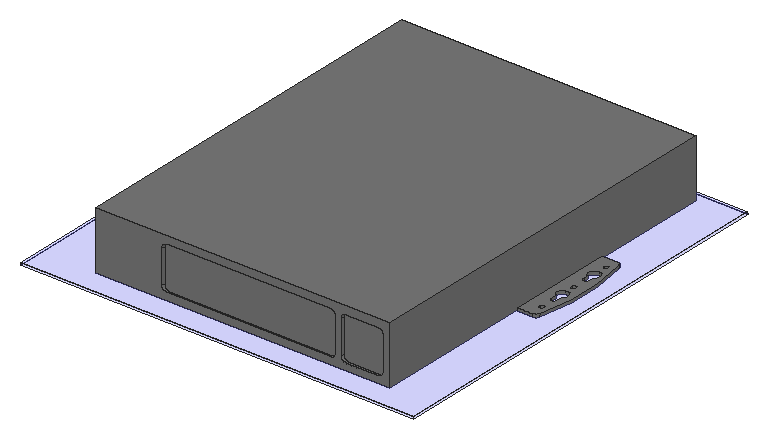
Revit family "QSC Q-SYS NV-32-H_Surface Mount", category Generic Models, host Face, Revit 2017
Family settings
  Host = Face
  Can host rebar = No
  Round Connector Dimension = Use Diameter
  Part Type = Normal
  Cut with Voids When Loaded = No
  Shared = No
  Room Calculation Point = No
Parameters (values of type "NV-32-H")
  Width = 8.660"  # constant formula
  Weight Product (lb) = 4  # constant formula
  Weight Product (kg) = 1.81  # constant formula
  Voltage DC = "48"
  URL = ""
  Show Surface Mount [instance] = yes
  Regulatory Compliance = "CE, FCC Part 15 Class B, RoHS"  # constant formula
  Product Page URL = "https://www.qsc.com/systems/products/q-sys-platform/products-peripherals-accessories/nv-series-nv-32-h/"
  Product Documentation Link = "https://www.qsc.com/resource-files/productresources/dn/nv-32-h_series/q_qsys_nv32h_specs.pdf"
  Operating Temperature Min = "0C"
  Operating Temperature Max = "50C"
  Model = "Q-SYS NV-32-H"
  Manufacturer URL = "http://www.qsc.com"
  Manufacturer = "QSC"  # constant formula
  Height = 1.720"  # constant formula
  Face Depth = 0.0788"
  Description = "Network Video Endpoint for the Q-SYS Ecosystem"
  Depth = 11.280"  # constant formula
  Default Elevation = 0.000"
  Enclosure Material [instance] = Dark Gray Finish
Reference planes (in)
  plane 1 "Center (Front/Back)": y = 0
  plane 2: z = 0
  plane 3 "Center (Left/Right)": x = 0
  plane 4 "Left": x = -4.33
  plane 5 "Right": x = 4.33
  plane 6 "Top": y = 5.64
  plane 7 "Bottom": y = -5.64
  plane 8 "New Top": z = 1.72
  plane 9 "Face Plance": y = -5.561
Forms (in)
  Extrusion 1, solid, material "Glass"
    sketch origin (0, 0, 0) x (1, 0, 0) y (0, 1, 0)
      loop
        line (-6, 6) -> (-6, -6.33038) -> (5.58047, -6.33038) -> (5.58047, 6) -> (-6, 6)
    from 0 to -0.079
  Extrusion 2, solid, material "Dark Gray Finish" <- "Enclosure Material", visible <- "Show Surface Mount"
    sketch origin (0, 0, 0) x (1, 0, 0) y (0, 1, 0)
      loop
        arc (-4.80811, 2.14181) -> (-4.88785, 2.11447) -> (-4.93402, 2.04394) r 0.12992
        arc (-4.93402, 2.04394) -> (-5.11556, 0.59457) -> (-4.93402, -0.8548) r 5.8765
        arc (-4.93402, -0.8548) -> (-4.88785, -0.92533) -> (-4.80811, -0.95267) r 0.12992
        line (-4.80811, -0.95267) -> (-3.88346, -0.95267)
        arc (-3.88346, -0.95267) -> (-3.80372, -0.92532) -> (-3.75755, -0.85479) r 0.12992
        arc (-3.75755, -0.85479) -> (-3.57606, 0.59457) -> (-3.75755, 2.04393) r 5.87795
        arc (-3.75755, 2.04393) -> (-3.80372, 2.11446) -> (-3.88346, 2.14181) r 0.12992
        line (-3.88346, 2.14181) -> (-4.80811, 2.14181)
      loop
        arc (-4.68437, 1.20811) -> (-4.76902, 1.51977) -> (-4.85366, 1.20811) r 0.16732
        line (-4.85366, 1.20811) -> (-4.85366, 1.04733)
        arc (-4.85366, 1.04733) -> (-4.76902, 0.96268) -> (-4.68437, 1.04733) r 0.08465
        line (-4.68437, 1.04733) -> (-4.68437, 1.20811)
      loop
        arc (-3.83791, 1.20811) -> (-3.92256, 1.51977) -> (-4.0072, 1.20811) r 0.16732
        line (-4.0072, 1.20811) -> (-4.0072, 1.04733)
        arc (-4.0072, 1.04733) -> (-3.92256, 0.96268) -> (-3.83791, 1.04733) r 0.08465
        line (-3.83791, 1.04733) -> (-3.83791, 1.20811)
      loop
        arc (-3.83398, 0.03333) -> (-3.92256, 0.3426) -> (-4.01114, 0.03333) r 0.16732
        line (-4.01114, 0.03333) -> (-4.01114, -0.12984)
        arc (-4.01114, -0.12984) -> (-3.92256, -0.21842) -> (-3.83398, -0.12984) r 0.08858
        line (-3.83398, -0.12984) -> (-3.83398, 0.03333)
      loop
        arc (-4.68043, 0.03333) -> (-4.76902, 0.3426) -> (-4.8576, 0.03333) r 0.16732
        line (-4.8576, 0.03333) -> (-4.8576, -0.12984)
        arc (-4.8576, -0.12984) -> (-4.76902, -0.21842) -> (-4.68043, -0.12984) r 0.08858
        line (-4.68043, -0.12984) -> (-4.68043, 0.03333)
      loop
        circle (-4.77295, 0.59457) r 0.06496
      loop
        circle (-4.77295, -0.58653) r 0.06496
      loop
        circle (-4.77295, 1.77567) r 0.06496
      loop
        circle (-3.91862, 1.77567) r 0.06496
      loop
        circle (-3.91862, 0.59457) r 0.06496
      loop
        circle (-3.91862, -0.58653) r 0.06496
      loop
        line (4.80811, 2.14181) -> (3.88346, 2.14181)
        arc (3.88346, 2.14181) -> (3.80372, 2.11446) -> (3.75755, 2.04393) r 0.12992
        arc (3.75755, 2.04393) -> (3.57606, 0.59457) -> (3.75755, -0.85479) r 5.87795
        arc (3.75755, -0.85479) -> (3.80372, -0.92532) -> (3.88346, -0.95267) r 0.12992
        line (3.88346, -0.95267) -> (4.80811, -0.95267)
        arc (4.80811, -0.95267) -> (4.88785, -0.92533) -> (4.93402, -0.8548) r 0.12992
        arc (4.93402, -0.8548) -> (5.11556, 0.59457) -> (4.93402, 2.04394) r 5.8765
        arc (4.93402, 2.04394) -> (4.88785, 2.11447) -> (4.80811, 2.14181) r 0.12992
      loop
        line (4.68437, 1.20811) -> (4.68437, 1.04733)
        arc (4.68437, 1.04733) -> (4.76902, 0.96268) -> (4.85366, 1.04733) r 0.08465
        line (4.85366, 1.04733) -> (4.85366, 1.20811)
        arc (4.85366, 1.20811) -> (4.76902, 1.51977) -> (4.68437, 1.20811) r 0.16732
      loop
        line (3.83791, 1.20811) -> (3.83791, 1.04733)
        arc (3.83791, 1.04733) -> (3.92256, 0.96268) -> (4.0072, 1.04733) r 0.08465
        line (4.0072, 1.04733) -> (4.0072, 1.20811)
        arc (4.0072, 1.20811) -> (3.92256, 1.51977) -> (3.83791, 1.20811) r 0.16732
      loop
        line (3.83398, 0.03333) -> (3.83398, -0.12984)
        arc (3.83398, -0.12984) -> (3.92256, -0.21842) -> (4.01114, -0.12984) r 0.08858
        line (4.01114, -0.12984) -> (4.01114, 0.03333)
        arc (4.01114, 0.03333) -> (3.92256, 0.3426) -> (3.83398, 0.03333) r 0.16732
      loop
        line (4.68043, 0.03333) -> (4.68043, -0.12984)
        arc (4.68043, -0.12984) -> (4.76902, -0.21842) -> (4.8576, -0.12984) r 0.08858
        line (4.8576, -0.12984) -> (4.8576, 0.03333)
        arc (4.8576, 0.03333) -> (4.76902, 0.3426) -> (4.68043, 0.03333) r 0.16732
      loop
        circle (4.77295, 0.59457) r 0.06496
      loop
        circle (4.77295, -0.58653) r 0.06496
      loop
        circle (4.77295, 1.77567) r 0.06496
      loop
        circle (3.91862, 1.77567) r 0.06496
      loop
        circle (3.91862, 0.59457) r 0.06496
      loop
        circle (3.91862, -0.58653) r 0.06496
    from 0 to 0.079
Dimensions and locks (in)
  equal spacing: plane 6 "Top", plane 1 "Center (Front/Back)", plane 7 "Bottom"
  "Depth": plane 6 "Top" to plane 7 "Bottom"
  equal spacing: plane 4 "Left", plane 3 "Center (Left/Right)", plane 5 "Right"
  "Width": plane 4 "Left" to plane 5 "Right"
  plane 4 "Left" to plane 5 "Right" = 8.660"
  "Height": plane 8 "New Top" to plane 2
  plane 9 "Face Plance" to plane 7 "Bottom" = 0.079"
  aligned and locked: plane 2 to Extrusion 1
  aligned and locked: level to Extrusion 1
Automatic sketch dimensions
  Extrusion 1 sketch curve to Extrusion 1 sketch curve = 11.58047"
  Extrusion 1 sketch curve to Extrusion 1 sketch curve = 12.33038"
  Extrusion 2 sketch curve to plane 1 "Center (Front/Back)" = 0.59457"  (x4)
  Extrusion 2 sketch curve to plane 4 "Left" = 5.12402"
  Extrusion 2 sketch curve to plane 1 "Center (Front/Back)" = 0.03333"  (x4)
  Extrusion 2 sketch curve to plane 4 "Left" = 0.5276"
  Extrusion 2 sketch curve to plane 4 "Left" = 0.52366"
  Extrusion 2 sketch curve to plane 4 "Left" = 0.47811"  (x2)
  Extrusion 2 sketch curve to Extrusion 2 sketch curve = 0.03516"  (x8)
  Extrusion 2 sketch curve to plane 4 "Left" = 0.44295"
  Extrusion 2 sketch curve to Extrusion 2 sketch curve = 0.08858"  (x8)
  Extrusion 2 sketch curve to Extrusion 2 sketch curve = 0.08465"  (x8)
  plane 1 "Center (Front/Back)" to Extrusion 2 sketch curve = 0.12984"  (x4)
  plane 4 "Left" to Extrusion 2 sketch curve = 0.31886"
  plane 4 "Left" to Extrusion 2 sketch curve = 0.3228"
  plane 4 "Left" to Extrusion 2 sketch curve = 0.41138"  (x3)
  Extrusion 2 sketch curve to plane 3 "Center (Left/Right)" = 0.76094"
  plane 3 "Center (Left/Right)" to Extrusion 2 sketch curve = 0.76094"
  Extrusion 2 sketch curve to plane 5 "Right" = 0.49602"
  Extrusion 2 sketch curve to plane 5 "Right" = 0.49209"
  Extrusion 2 sketch curve to plane 5 "Right" = 0.44654"  (x2)
  Extrusion 2 sketch curve to plane 5 "Right" = 0.41138"
  plane 5 "Right" to Extrusion 2 sketch curve = 0.35043"
  plane 5 "Right" to Extrusion 2 sketch curve = 0.35437"
  plane 5 "Right" to Extrusion 2 sketch curve = 0.44295"
  Extrusion 2 sketch curve to Extrusion 2 sketch curve = 0.00394"  (x2)
  Extrusion 2 sketch curve to Extrusion 2 sketch curve = 4.60035"
  plane 1 "Center (Front/Back)" to Extrusion 2 sketch curve = 0.58653"
  Extrusion 2 sketch curve to Extrusion 2 sketch curve = 0.45669"  (x3)
  Extrusion 2 sketch curve to Extrusion 2 sketch curve = 0.23622"  (x8)
  Extrusion 2 sketch curve to Extrusion 2 sketch curve = 0.12992"  (x4)
  Extrusion 2 sketch curve to Extrusion 2 sketch curve = 0.14195"  (x4)
  Extrusion 2 sketch curve to Extrusion 2 sketch curve = 0.41929"  (x4)
  Extrusion 2 sketch curve to Extrusion 2 sketch curve = 0.45276"  (x4)
  Extrusion 2 sketch curve to Extrusion 2 sketch curve = 0.16079"  (x4)
  Extrusion 2 sketch curve to Extrusion 2 sketch curve = 0.14433"  (x4)
  Extrusion 2 sketch curve to Extrusion 2 sketch curve = 0.42323"  (x4)
  Extrusion 2 sketch curve to Extrusion 2 sketch curve = 0.000"  (x4)
  radius of Extrusion 2 sketch curve = 0.06496"  (x12)
Nested families (in)
  nested 1: "QSC Q-SYS NV-32-H_ Front Facing Rackmount" at (0, -5.561, 0.865) x (1, 0, 0) z (0, -1, 0), Enclosure Material <- "Enclosure Material", type "NV-32-H"
    with Show Right Ear Short no, Show Right Ear Long no, Show Left Ear Short no, Show Left Ear Long no, Enclosure Material Dark Gray Finish
Connectors (in)
  electrical at (3.82441, 5.44335, 0.45908)
    settings: on nested 1, index 1, voltage 0 V, apparent load 0 VA, apparent load phase1 0 VA, apparent load phase2 0 VA, apparent load phase3 0 VA, power factor 1, load classification "Other", number of poles 1, system type 14, power factor state 1, is connector primary yes, connector utility no, sub classification motor no, connector description "Power In - 48VDC 1.5A"
  electrical at (3.01855, 5.44335, 1.24033)
    settings: on nested 1, index 2, voltage 0 V, apparent load 0 VA, apparent load phase1 0 VA, apparent load phase2 0 VA, apparent load phase3 0 VA, power factor 1, load classification "Other", number of poles 1, system type 14, power factor state 1, is connector primary no, connector utility no, sub classification motor no, connector description "LAN A / PWR"
  electrical at (3.01855, 5.44335, 0.61592)
    settings: on nested 1, index 3, voltage 0 V, apparent load 0 VA, apparent load phase1 0 VA, apparent load phase2 0 VA, apparent load phase3 0 VA, power factor 1, load classification "Other", number of poles 1, system type 14, power factor state 1, is connector primary no, connector utility no, sub classification motor no, connector description "USB Type A"
  electrical at (3.01855, 5.44335, 0.30283)
    settings: on nested 1, index 4, voltage 0 V, apparent load 0 VA, apparent load phase1 0 VA, apparent load phase2 0 VA, apparent load phase3 0 VA, power factor 1, load classification "Other", number of poles 1, system type 14, power factor state 1, is connector primary no, connector utility no, sub classification motor no, connector description "USB Type A"
  electrical at (2.16507, 5.44335, 0.30283)
    settings: on nested 1, index 5, voltage 0 V, apparent load 0 VA, apparent load phase1 0 VA, apparent load phase2 0 VA, apparent load phase3 0 VA, power factor 1, load classification "Other", number of poles 1, system type 14, power factor state 1, is connector primary no, connector utility no, sub classification motor no, connector description "USB Type A"
  electrical at (2.16507, 5.44335, 0.61592)
    settings: on nested 1, index 6, voltage 0 V, apparent load 0 VA, apparent load phase1 0 VA, apparent load phase2 0 VA, apparent load phase3 0 VA, power factor 1, load classification "Other", number of poles 1, system type 14, power factor state 1, is connector primary no, connector utility no, sub classification motor no, connector description "USB Type A"
  electrical at (2.16507, 5.44335, 1.24033)
    settings: on nested 1, index 7, voltage 0 V, apparent load 0 VA, apparent load phase1 0 VA, apparent load phase2 0 VA, apparent load phase3 0 VA, power factor 1, load classification "Other", number of poles 1, system type 14, power factor state 1, is connector primary no, connector utility no, sub classification motor no, connector description "LAN B"
  electrical at (1.29746, 5.44335, 1.22156)
    settings: on nested 1, index 8, voltage 0 V, apparent load 0 VA, apparent load phase1 0 VA, apparent load phase2 0 VA, apparent load phase3 0 VA, power factor 1, load classification "Other", number of poles 1, system type 14, power factor state 1, is connector primary no, connector utility no, sub classification motor no, connector description "GPIO Out 1,2,3"
  electrical at (1.54116, 5.44335, 0.34725)
    settings: on nested 1, index 9, voltage 0 V, apparent load 0 VA, apparent load phase1 0 VA, apparent load phase2 0 VA, apparent load phase3 0 VA, power factor 1, load classification "Other", number of poles 1, system type 14, power factor state 1, is connector primary no, connector utility no, sub classification motor no, connector description "GPIO In 1&2"
  electrical at (1.14746, 5.44335, 0.34725)
    settings: on nested 1, index 10, voltage 0 V, apparent load 0 VA, apparent load phase1 0 VA, apparent load phase2 0 VA, apparent load phase3 0 VA, power factor 1, load classification "Other", number of poles 1, system type 14, power factor state 1, is connector primary no, connector utility no, sub classification motor no, connector description "RS232"
  electrical at (0.59244, 5.44335, 0.52954)
    settings: on nested 1, index 11, voltage 0 V, apparent load 0 VA, apparent load phase1 0 VA, apparent load phase2 0 VA, apparent load phase3 0 VA, power factor 1, load classification "Other", number of poles 1, system type 14, power factor state 1, is connector primary no, connector utility no, sub classification motor no, connector description "Audio In 3.5mm"
  electrical at (0.59244, 5.44335, 1.14742)
    settings: on nested 1, index 12, voltage 0 V, apparent load 0 VA, apparent load phase1 0 VA, apparent load phase2 0 VA, apparent load phase3 0 VA, power factor 1, load classification "Other", number of poles 1, system type 14, power factor state 1, is connector primary no, connector utility no, sub classification motor no, connector description "Audio Out 3.5mm"
  electrical at (-0.07543, 5.44335, 0.72609)
    settings: on nested 1, index 13, voltage 0 V, apparent load 0 VA, apparent load phase1 0 VA, apparent load phase2 0 VA, apparent load phase3 0 VA, power factor 1, load classification "Other", number of poles 1, system type 14, power factor state 1, is connector primary no, connector utility no, sub classification motor no, connector description "USB Type B"
  electrical at (-0.78909, 5.44335, 0.89041)
    settings: on nested 1, index 14, voltage 0 V, apparent load 0 VA, apparent load phase1 0 VA, apparent load phase2 0 VA, apparent load phase3 0 VA, power factor 1, load classification "Other", number of poles 1, system type 14, power factor state 1, is connector primary no, connector utility no, sub classification motor no, connector description "HDMI In 3"
  electrical at (-1.53909, 5.44335, 0.89041)
    settings: on nested 1, index 15, voltage 0 V, apparent load 0 VA, apparent load phase1 0 VA, apparent load phase2 0 VA, apparent load phase3 0 VA, power factor 1, load classification "Other", number of poles 1, system type 14, power factor state 1, is connector primary no, connector utility no, sub classification motor no, connector description "HDMI In 2"
  electrical at (-2.28909, 5.44335, 0.89041)
    settings: on nested 1, index 16, voltage 0 V, apparent load 0 VA, apparent load phase1 0 VA, apparent load phase2 0 VA, apparent load phase3 0 VA, power factor 1, load classification "Other", number of poles 1, system type 14, power factor state 1, is connector primary no, connector utility no, sub classification motor no, connector description "HDMI In 1"
  electrical at (-3.03909, 5.44335, 0.89041)
    settings: on nested 1, index 17, voltage 0 V, apparent load 0 VA, apparent load phase1 0 VA, apparent load phase2 0 VA, apparent load phase3 0 VA, power factor 1, load classification "Other", number of poles 1, system type 14, power factor state 1, is connector primary no, connector utility no, sub classification motor no, connector description "HDMI Out 2"
  electrical at (-3.78909, 5.44335, 0.89041)
    settings: on nested 1, index 18, voltage 0 V, apparent load 0 VA, apparent load phase1 0 VA, apparent load phase2 0 VA, apparent load phase3 0 VA, power factor 1, load classification "Other", number of poles 1, system type 14, power factor state 1, is connector primary no, connector utility no, sub classification motor no, connector description "HDMI Out 1"
Definition of nested family "QSC Q-SYS NV-32-H_ Front Facing Rackmount"
  Parameters (values of type "NV-32-H")
    Width = 8.660"  # constant formula
    Weight Product (lb) = 4  # constant formula
    Weight Product (kg) = 1.81  # constant formula
    Voltage DC = "48"
    URL = ""
    Operating Temperature Max = "50C"
    Show Right Ear Short [instance] = no
    Show Right Ear Long [instance] = yes
    Show Left Ear Short [instance] = yes
    Show Left Ear Long [instance] = no
    Regulatory Compliance = "CE, FCC Part 15 Class B, RoHS"  # constant formula
    Product Page URL = "https://www.qsc.com/systems/products/q-sys-platform/products-peripherals-accessories/nv-series-nv-32-h/"
    Product Documentation Link = "https://www.qsc.com/resource-files/productresources/dn/nv-32-h_series/q_qsys_nv32h_specs.pdf"
    Operating Temperature Min = "0C"
    Model = "Q-SYS NV-32-H"  # constant formula
    Manufacturer URL = "http://www.qsc.com"
    Manufacturer = "QSC"  # constant formula
    Height = 1.720"  # constant formula
    Face Depth = 0.0788"
    Description = "Network Video Endpoint for the Q-SYS Ecosystem"  # constant formula
    Depth = 11.280"  # constant formula
    Default Elevation = 0.000"
    Enclosure Material [instance] = none
  Reference planes (in)
    plane 1 "Center (Front/Back)": y = 0
    plane 2: z = 0
    plane 3 "Center (Left/Right)": x = 0
    plane 4 "Left": x = -4.33
    plane 5 "Right": x = 4.33
    plane 6 "Top": y = 0.86
    plane 7 "Bottom": y = -0.86
    plane 8 "Back": z = -11.2012
    plane 9 "Right Extend Ear": x = 13.812
    plane 10 "Left Extend Ear": x = -13.812
    plane 11 "Left Short Ear": x = -5.1514
    plane 12 "Right Short Ear": x = 5.1514
    plane 13 "Front": z = 0.0788
  Forms (in)
    Extrusion 1, solid
      sketch origin (0, 0, 0) x (1, 0, 0) y (0, 1, 0)
        loop
          line (-14.5, 1.9685) -> (-14.5, -1.88975) -> (14.73031, -1.88975) -> (14.73031, 1.9685) -> (-14.5, 1.9685)
      from 0 to -0.079
    Extrusion 2, solid, material <- "Enclosure Material"
      sketch origin (0, -0.86, 0) x (-1, 0, 0) y (0, 0, 1)
        loop
          line (4.33, 0.0788) -> (-4.33, 0.0788) -> (-4.33, -11.2012) -> (4.33, -11.2012) -> (4.33, 0.0788)
      from 0 to 1.72 <- "Height"
    Extrusion 3, void
      sketch origin (0, 0, -11.2012) x (-1, 0, 0) y (0, -1, 0)
        loop
          line (-4.12953, 0.14) -> (-3.51929, 0.14) -> (-3.51929, 0.67183) -> (-4.12953, 0.67183) -> (-4.12953, 0.14)
        loop
          line (-1.67147, 0.63492) -> (-1.67147, 0.40058) -> (-1.41084, 0.40058) -> (-1.41084, 0.63492) -> (-1.67147, 0.63492)
        loop
          line (-0.92344, 0.40058) -> (-0.92344, 0.63492) -> (-1.37147, 0.63492) -> (-1.37147, 0.40058) -> (-0.92344, 0.40058)
        loop
          line (-1.67147, -0.23939) -> (-1.67147, -0.47373) -> (-0.92344, -0.47373) -> (-0.92344, -0.23939) -> (-1.67147, -0.23939)
        loop
          line (-3.32367, -0.64125) -> (-2.71343, -0.64125) -> (-2.71343, -0.10942) -> (-3.32367, -0.10942) -> (-3.32367, -0.64125)
        loop
          line (-2.47019, -0.64125) -> (-1.85995, -0.64125) -> (-1.85995, -0.10942) -> (-2.47019, -0.10942) -> (-2.47019, -0.64125)
        loop
          line (-3.32367, 0.13942) -> (-2.71343, 0.13942) -> (-2.71343, 0.35875) -> (-3.32367, 0.35875) -> (-3.32367, 0.13942)
        loop
          line (-3.32367, 0.4525) -> (-2.71343, 0.4525) -> (-2.71343, 0.67183) -> (-3.32367, 0.67183) -> (-3.32367, 0.4525)
        loop
          line (-2.47019, 0.13942) -> (-1.85995, 0.13942) -> (-1.85995, 0.35875) -> (-2.47019, 0.35875) -> (-2.47019, 0.13942)
        loop
          line (-2.47019, 0.4525) -> (-1.85995, 0.4525) -> (-1.85995, 0.67183) -> (-2.47019, 0.67183) -> (-2.47019, 0.4525)
        loop
          circle (-0.59244, -0.28242) r 0.125
        loop
          circle (-0.59244, 0.33546) r 0.125
        loop
          line (-0.15156, 0.35875) -> (-0.15156, 0.07692) -> (-0.07457, -0.01894) -> (0.22543, -0.01894) -> (0.30242, 0.07692) -> (0.30242, 0.35875) -> (-0.15156, 0.35875)
        loop
          line (0.90476, 0.3344) -> (0.77918, 0.3344) -> (0.68332, 0.25741) -> (0.68332, -0.30822) -> (0.77918, -0.38521) -> (0.90476, -0.38521) -> (0.90476, 0.3344)
        loop
          line (1.65476, 0.3344) -> (1.52918, 0.3344) -> (1.43332, 0.25741) -> (1.43332, -0.30822) -> (1.52918, -0.38521) -> (1.65476, -0.38521) -> (1.65476, 0.3344)
        loop
          line (2.40476, 0.3344) -> (2.27918, 0.3344) -> (2.18332, 0.25741) -> (2.18332, -0.30822) -> (2.27918, -0.38521) -> (2.40476, -0.38521) -> (2.40476, 0.3344)
        loop
          line (3.15476, 0.3344) -> (3.02918, 0.3344) -> (2.93332, 0.25741) -> (2.93332, -0.30822) -> (3.02918, -0.38521) -> (3.15476, -0.38521) -> (3.15476, 0.3344)
        loop
          line (3.90476, 0.3344) -> (3.77918, 0.3344) -> (3.68332, 0.25741) -> (3.68332, -0.30822) -> (3.77918, -0.38521) -> (3.90476, -0.38521) -> (3.90476, 0.3344)
      from 0 to 0.19685
    Extrusion 4, void
      sketch origin (-16.742, -179.90625, 0.0788) x (0, -1, 0) y (-1, 0, 0)
        loop
          line (-180.54692, -14.52475) -> (-180.54692, -19.33043)
          arc (-180.54692, -19.33043) -> (-180.50115, -19.44092) -> (-180.39067, -19.48668) r 0.15625
          line (-180.39067, -19.48668) -> (-179.40912, -19.48668)
          arc (-179.40912, -19.48668) -> (-179.29864, -19.44092) -> (-179.25287, -19.33043) r 0.15625
          line (-179.25287, -19.33043) -> (-179.25287, -14.52475)
          arc (-179.25287, -14.52475) -> (-179.29864, -14.41427) -> (-179.40912, -14.3685) r 0.15625
          line (-179.40912, -14.3685) -> (-180.39067, -14.3685)
          arc (-180.39067, -14.3685) -> (-180.50115, -14.41427) -> (-180.54692, -14.52475) r 0.15625
      from 0 to 0.079
    Extrusion 5, solid, material <- "Enclosure Material", visible <- "Show Left Ear Short"
      sketch origin (0, 0, 0) x (1, 0, 0) y (0, 1, 0)
        loop
          arc (-5.02634, 0.86) -> (-5.11473, 0.82339) -> (-5.1514, 0.735) r 0.125
          line (-5.1514, 0.735) -> (-5.15134, -0.735)
          arc (-5.15134, -0.735) -> (-5.11473, -0.82339) -> (-5.02634, -0.86) r 0.125
          line (-5.02634, -0.86) -> (-4.33, -0.86) -> (-4.33, 0.86) -> (-5.02634, 0.86)
        loop
          line (-4.7537, 0.76059) -> (-4.8915, 0.76059)
          arc (-4.8915, 0.76059) -> (-5.0251, 0.63502) -> (-4.90803, 0.4939) r 0.13386
          arc (-4.90803, 0.4939) -> (-4.8226, 0.40843) -> (-4.73717, 0.4939) r 0.08543
          arc (-4.73717, 0.4939) -> (-4.6201, 0.63502) -> (-4.7537, 0.76059) r 0.13386
        loop
          arc (-4.7537, -0.74713) -> (-4.6201, -0.62155) -> (-4.73717, -0.48043) r 0.13386
          arc (-4.73717, -0.48043) -> (-4.8226, -0.39496) -> (-4.90803, -0.48043) r 0.08543
          arc (-4.90803, -0.48043) -> (-5.0251, -0.62155) -> (-4.8915, -0.74713) r 0.13386
          line (-4.8915, -0.74713) -> (-4.7537, -0.74713)
      from 0 to 0.0788 <- "Face Depth"
    Extrusion 6, solid, material <- "Enclosure Material", visible <- "Show Right Ear Short"
      sketch origin (0, 0, 0) x (-1, 0, 0) y (0, -1, 0)
        loop
          line (-5.02634, -0.86) -> (-4.33, -0.86) -> (-4.33, 0.86) -> (-5.02634, 0.86)
          arc (-5.02634, 0.86) -> (-5.11473, 0.82339) -> (-5.15134, 0.735) r 0.125
          line (-5.15134, 0.735) -> (-5.1514, -0.735)
          arc (-5.1514, -0.735) -> (-5.11473, -0.82339) -> (-5.02634, -0.86) r 0.125
        loop
          arc (-4.7537, -0.76059) -> (-4.6201, -0.63502) -> (-4.73717, -0.4939) r 0.13386
          arc (-4.73717, -0.4939) -> (-4.8226, -0.40843) -> (-4.90803, -0.4939) r 0.08543
          arc (-4.90803, -0.4939) -> (-5.0251, -0.63502) -> (-4.8915, -0.76059) r 0.13386
          line (-4.8915, -0.76059) -> (-4.7537, -0.76059)
        loop
          line (-4.7537, 0.74713) -> (-4.8915, 0.74713)
          arc (-4.8915, 0.74713) -> (-5.0251, 0.62155) -> (-4.90803, 0.48043) r 0.13386
          arc (-4.90803, 0.48043) -> (-4.8226, 0.39496) -> (-4.73717, 0.48043) r 0.08543
          arc (-4.73717, 0.48043) -> (-4.6201, 0.62155) -> (-4.7537, 0.74713) r 0.13386
      from 0 to 0.0788 <- "Face Depth"
    Extrusion 7, solid, material <- "Enclosure Material", visible <- "Show Right Ear Long"
      sketch origin (0, 0, 0) x (-1, 0, 0) y (0, -1, 0)
        loop
          arc (-13.55432, -0.49287) -> (-13.68818, -0.62673) -> (-13.55432, -0.76059) r 0.13386
          line (-13.55432, -0.76059) -> (-13.41653, -0.76059)
          arc (-13.41653, -0.76059) -> (-13.28267, -0.62673) -> (-13.41653, -0.49287) r 0.13386
          line (-13.41653, -0.49287) -> (-13.55432, -0.49287)
        loop
          arc (-13.55432, 0.74713) -> (-13.68818, 0.61327) -> (-13.55432, 0.47941) r 0.13386
          line (-13.55432, 0.47941) -> (-13.41653, 0.47941)
          arc (-13.41653, 0.47941) -> (-13.28267, 0.61327) -> (-13.41653, 0.74713) r 0.13386
          line (-13.41653, 0.74713) -> (-13.55432, 0.74713)
        loop
          line (-13.812, 0.735) -> (-13.812, -0.735)
          arc (-13.812, -0.735) -> (-13.77539, -0.82339) -> (-13.687, -0.86) r 0.125
          line (-13.687, -0.86) -> (-4.33, -0.86) -> (-4.33, 0.86) -> (-13.687, 0.86)
          arc (-13.687, 0.86) -> (-13.77539, 0.82339) -> (-13.812, 0.735) r 0.125
      from 0 to 0.0788 <- "Face Depth"
    Extrusion 8, solid, material <- "Enclosure Material", visible <- "Show Left Ear Long"
      sketch origin (0, 0, 0) x (1, 0, 0) y (0, 1, 0)
        loop
          line (-13.55432, 0.49287) -> (-13.41653, 0.49287)
          arc (-13.41653, 0.49287) -> (-13.28267, 0.62673) -> (-13.41653, 0.76059) r 0.13386
          line (-13.41653, 0.76059) -> (-13.55432, 0.76059)
          arc (-13.55432, 0.76059) -> (-13.68818, 0.62673) -> (-13.55432, 0.49287) r 0.13386
        loop
          line (-13.55432, -0.74713) -> (-13.41653, -0.74713)
          arc (-13.41653, -0.74713) -> (-13.28267, -0.61327) -> (-13.41653, -0.47941) r 0.13386
          line (-13.41653, -0.47941) -> (-13.55432, -0.47941)
          arc (-13.55432, -0.47941) -> (-13.68818, -0.61327) -> (-13.55432, -0.74713) r 0.13386
        loop
          arc (-13.812, -0.735) -> (-13.77539, -0.82339) -> (-13.687, -0.86) r 0.125
          line (-13.687, -0.86) -> (-4.33, -0.86) -> (-4.33, 0.86) -> (-13.687, 0.86)
          arc (-13.687, 0.86) -> (-13.77539, 0.82339) -> (-13.812, 0.735) r 0.125
          line (-13.812, 0.735) -> (-13.812, -0.735)
      from 0 to 0.0788 <- "Face Depth"
    Extrusion 9, void
      sketch origin (-11.46075, -179.90625, 0.0788) x (0, -1, 0) y (-1, 0, 0)
        loop
          line (-180.54692, -14.52175) -> (-180.54692, -15.45349)
          arc (-180.54692, -15.45349) -> (-180.50115, -15.56398) -> (-180.39067, -15.60974) r 0.15625
          line (-180.39067, -15.60974) -> (-179.40912, -15.60974)
          arc (-179.40912, -15.60974) -> (-179.29864, -15.56398) -> (-179.25287, -15.45349) r 0.15625
          line (-179.25287, -15.45349) -> (-179.25287, -14.52175)
          arc (-179.25287, -14.52175) -> (-179.29864, -14.41127) -> (-179.40912, -14.3655) r 0.15625
          line (-179.40912, -14.3655) -> (-180.39067, -14.3655)
          arc (-180.39067, -14.3655) -> (-180.50115, -14.41127) -> (-180.54692, -14.52175) r 0.15625
      from 0 to 0.079
  Cuts and joins
    Extrusion 3, Extrusion 4, Extrusion 9 cuts Extrusion 2
  Lines and regions (in)
    model lines, detail levels fine
      curve 1: line (-3.29089, 0.35869, 0.0788) -> (-3.38738, 0.48582, 0.0788)
      curve 2: line (-3.38738, 0.48582, 0.0788) -> (-3.29089, 0.35869, 0.0788)
      curve 3: line (-3.7372, 0.37457, 0.0788) -> (-3.70075, 0.5057, 0.0788)
      curve 4: line (-3.70075, 0.5057, 0.0788) -> (-3.7372, 0.37457, 0.0788)
      curve 5: line (-3.67631, 0.28774, 0.0788) -> (-3.70352, 0.53041, 0.0788)
      curve 6: line (-3.70352, 0.53041, 0.0788) -> (-3.67631, 0.28774, 0.0788)
      curve 7: line (-3.16169, 0.45752, 0.0788) -> (-3.07565, 0.39431, 0.0788)
      curve 8: line (-3.07565, 0.39431, 0.0788) -> (-3.16169, 0.45752, 0.0788)
    model lines, not visible, detail levels fine
      curve 9: line (-3.35339, 0.42119, 0.0788) -> (-3.44988, 0.54832, 0.0788)
      curve 10: line (-3.44988, 0.54832, 0.0788) -> (-3.35339, 0.42119, 0.0788)
      curve 11: line (-3.7997, 0.43707, 0.0788) -> (-3.76325, 0.5682, 0.0788)
      curve 12: line (-3.76325, 0.5682, 0.0788) -> (-3.7997, 0.43707, 0.0788)
      curve 13: line (-3.73881, 0.35024, 0.0788) -> (-3.76602, 0.59291, 0.0788)
      curve 14: line (-3.76602, 0.59291, 0.0788) -> (-3.73881, 0.35024, 0.0788)
      curve 15: line (-3.22419, 0.52002, 0.0788) -> (-3.13815, 0.45681, 0.0788)
      curve 16: line (-3.13815, 0.45681, 0.0788) -> (-3.22419, 0.52002, 0.0788)
  Dimensions and locks (in)
    equal spacing: plane 6 "Top", plane 1 "Center (Front/Back)", plane 7 "Bottom"
    "Height": plane 6 "Top" to plane 7 "Bottom"
    equal spacing: plane 4 "Left", plane 3 "Center (Left/Right)", plane 5 "Right"
    "Width": plane 4 "Left" to plane 5 "Right"
    plane 4 "Left" to plane 5 "Right" = 8.660"
    plane 5 "Right" to plane 9 "Right Extend Ear" = 9.482"
    plane 10 "Left Extend Ear" to plane 4 "Left" = 9.482"
    plane 11 "Left Short Ear" to plane 4 "Left" = 0.8214"
    plane 5 "Right" to plane 12 "Right Short Ear" = 0.8214"
    "Face Depth": plane 13 "Front" to plane 2
    "Depth": plane 13 "Front" to plane 8 "Back"
    aligned and locked: plane 2 to Extrusion 1
    aligned and locked: level to Extrusion 1
    aligned and locked: plane 4 "Left" to Extrusion 2 sketch curve
    aligned and locked: plane 8 "Back" to Extrusion 2 sketch curve
    aligned and locked: Extrusion 2 sketch curve to plane 5 "Right"
    aligned and locked: Extrusion 2 sketch curve to plane 13 "Front"
    aligned and locked: Extrusion 5 sketch curve to plane 6 "Top"
    aligned and locked: plane 11 "Left Short Ear" to Extrusion 5 sketch curve
    aligned and locked: cut or joined group of Extrusion 2, Extrusion 3, Extrusion 4, Extrusion 9 to Extrusion 5 sketch curve
    aligned and locked: Extrusion 5 sketch curve to cut or joined group of Extrusion 2, Extrusion 3, Extrusion 4, Extrusion 9
    aligned and locked: cut or joined group of Extrusion 2, Extrusion 3, Extrusion 4, Extrusion 9 to Extrusion 7 sketch curve
    aligned and locked: plane 9 "Right Extend Ear" to Extrusion 7 sketch curve
    aligned and locked: Extrusion 7 sketch curve to plane 7 "Bottom"
    aligned and locked: Extrusion 7 sketch curve to plane 6 "Top"
  Automatic sketch dimensions
    curve 7 to curve 8 = 0.000"  (x4)
    curve 8 to curve 7 = 0.10677"
    curve 2 to curve 7 = 0.16267"
    curve 1 to curve 2 = 0.000"  (x5)
    curve 1 to curve 2 = 0.15959"
    curve 2 to curve 1 = 0.000"  (x3)
    curve 5 to curve 1 = 0.35031"
    curve 6 to curve 5 = 0.000"  (x4)
    curve 4 to curve 5 = 0.21933"
    curve 3 to curve 4 = 0.000"  (x4)
    curve 6 to curve 3 = 0.02487"
    curve 5 to curve 6 = 0.000"  (x4)
    curve 3 to curve 5 = 0.10605"
    curve 4 to curve 3 = 0.000"  (x2)
    curve 6 to curve 2 = 0.3919"
    curve 5 to curve 4 = 0.10605"
    curve 1 to curve 7 = 0.21817"
    curve 8 to curve 7 = 0.000"  (x4)
    curve 7 to curve 8 = 0.10677"
    curve 2 to curve 1 = 0.15959"
    curve 4 to curve 4 = 0.13611"
    curve 7 to curve 7 = 0.08604"
    curve 7 to curve 2 = 0.1292"
    curve 1 to curve 1 = 0.09649"
    curve 1 to curve 6 = 0.28894"
    curve 5 to curve 4 = 0.02444"
    curve 3 to curve 5 = 0.00277"
    curve 5 to curve 4 = 0.06089"
    curve 5 to curve 4 = 0.02471"
    curve 3 to curve 2 = 0.01989"
    curve 1 to curve 7 = 0.02829"
    curve 8 to curve 7 = 0.06321"
    curve 1 to curve 2 = 0.12712"
    curve 3 to curve 5 = 0.08683"
    curve 15 to curve 16 = 0.000"
    curve 15 to curve 15 = 0.08604"
    curve 16 to curve 15 = 0.000"  (x3)
    curve 15 to curve 10 = 0.1292"
    curve 9 to curve 10 = 0.000"  (x3)
    curve 9 to curve 9 = 0.09649"
    curve 10 to curve 9 = 0.000"
    curve 9 to curve 14 = 0.28894"
    curve 13 to curve 14 = 0.000"  (x2)
    curve 13 to curve 12 = 0.02444"
    curve 11 to curve 12 = 0.000"  (x2)
    curve 11 to curve 13 = 0.00277"
    curve 14 to curve 13 = 0.000"  (x2)
    curve 13 to curve 12 = 0.06089"
    curve 13 to curve 12 = 0.02471"
    curve 11 to curve 10 = 0.01989"
    curve 9 to curve 15 = 0.02829"
    curve 16 to curve 15 = 0.06321"
    curve 12 to curve 11 = 0.000"
    curve 9 to curve 10 = 0.12712"
    curve 11 to curve 13 = 0.08683"
    Extrusion 1 sketch curve to Extrusion 1 sketch curve = 29.23031"
    Extrusion 1 sketch curve to Extrusion 1 sketch curve = 3.85825"
    Extrusion 4 sketch curve to plane 6 "Top" = 0.21933"
    Extrusion 4 sketch curve to Extrusion 4 sketch curve = 0.15625"  (x3)
    plane 7 "Bottom" to Extrusion 4 sketch curve = 0.36287"  (x2)
    plane 4 "Left" to Extrusion 4 sketch curve = 1.9565"
    Extrusion 4 sketch curve to plane 5 "Right" = 1.74157"
    plane 11 "Left Short Ear" to Extrusion 5 sketch curve = 0.12506"  (x2)
    Extrusion 5 sketch curve to Extrusion 5 sketch curve = 0.13484"  (x2)
    Extrusion 5 sketch curve to Extrusion 5 sketch curve = 0.0689"  (x2)
    Extrusion 5 sketch curve to Extrusion 5 sketch curve = 0.1378"  (x2)
    plane 7 "Bottom" to Extrusion 5 sketch curve = 0.11287"
    plane 7 "Bottom" to Extrusion 5 sketch curve = 0.125"
    Extrusion 5 sketch curve to Extrusion 5 sketch curve = 0.13386"  (x2)
    Extrusion 5 sketch curve to Extrusion 5 sketch curve = 0.13287"  (x2)
    Extrusion 5 sketch curve to plane 6 "Top" = 0.36614"
    Extrusion 5 sketch curve to Extrusion 5 sketch curve = 0.000"  (x3)
    Extrusion 5 sketch curve to Extrusion 5 sketch curve = 0.125"
    Extrusion 5 sketch curve to plane 6 "Top" = 0.09941"
    Extrusion 5 sketch curve to Extrusion 5 sketch curve = 0.08543"  (x2)
    Extrusion 6 sketch curve to plane 12 "Right Short Ear" = 0.000"
    Extrusion 6 sketch curve to plane 7 "Bottom" = 0.000"
    Extrusion 6 sketch curve to plane 6 "Top" = 0.000"
    Extrusion 6 sketch curve to plane 5 "Right" = 0.000"
    plane 12 "Right Short Ear" to Extrusion 6 sketch curve = 0.12506"  (x2)
    Extrusion 6 sketch curve to Extrusion 6 sketch curve = 0.13484"  (x2)
    Extrusion 6 sketch curve to Extrusion 6 sketch curve = 0.0689"  (x2)
    Extrusion 6 sketch curve to Extrusion 6 sketch curve = 0.1378"  (x2)
    Extrusion 6 sketch curve to plane 7 "Bottom" = 0.11287"
    Extrusion 6 sketch curve to Extrusion 6 sketch curve = 0.125"
    Extrusion 6 sketch curve to Extrusion 6 sketch curve = 0.13386"  (x2)
    Extrusion 6 sketch curve to Extrusion 6 sketch curve = 0.13287"  (x2)
    plane 6 "Top" to Extrusion 6 sketch curve = 0.36614"
    Extrusion 6 sketch curve to Extrusion 6 sketch curve = 0.000"  (x3)
    plane 6 "Top" to Extrusion 6 sketch curve = 0.125"
    plane 6 "Top" to Extrusion 6 sketch curve = 0.09941"
    Extrusion 6 sketch curve to Extrusion 6 sketch curve = 0.08543"  (x2)
    plane 9 "Right Extend Ear" to Extrusion 7 sketch curve = 0.125"
    Extrusion 7 sketch curve to Extrusion 7 sketch curve = 0.125"
    Extrusion 7 sketch curve to Extrusion 7 sketch curve = 0.13268"  (x2)
    Extrusion 7 sketch curve to Extrusion 7 sketch curve = 0.1378"  (x2)
    Extrusion 7 sketch curve to plane 7 "Bottom" = 0.11287"
    Extrusion 7 sketch curve to Extrusion 7 sketch curve = 0.13386"  (x2)
    Extrusion 7 sketch curve to Extrusion 7 sketch curve = 0.24213"
    Extrusion 8 sketch curve to plane 10 "Left Extend Ear" = 0.000"
    Extrusion 8 sketch curve to plane 6 "Top" = 0.000"
    Extrusion 8 sketch curve to plane 7 "Bottom" = 0.000"
    Extrusion 8 sketch curve to plane 4 "Left" = 0.000"
    plane 10 "Left Extend Ear" to Extrusion 8 sketch curve = 0.125"
    Extrusion 8 sketch curve to Extrusion 8 sketch curve = 0.125"
    Extrusion 8 sketch curve to Extrusion 8 sketch curve = 0.13268"  (x2)
    Extrusion 8 sketch curve to Extrusion 8 sketch curve = 0.1378"  (x2)
    plane 7 "Bottom" to Extrusion 8 sketch curve = 0.11287"
    Extrusion 8 sketch curve to Extrusion 8 sketch curve = 0.13386"  (x2)
    Extrusion 8 sketch curve to Extrusion 8 sketch curve = 0.24213"
    Extrusion 9 sketch curve to plane 6 "Top" = 0.21933"
    Extrusion 9 sketch curve to Extrusion 9 sketch curve = 0.15625"  (x3)
    plane 7 "Bottom" to Extrusion 9 sketch curve = 0.36287"  (x2)
    Extrusion 9 sketch curve to plane 5 "Right" = 1.42525"
    Extrusion 9 sketch curve to plane 12 "Right Short Ear" = 1.15866"
    Extrusion 3 sketch curve to plane 5 "Right" = 0.20047"
    plane 7 "Bottom" to Extrusion 3 sketch curve = 0.18817"  (x3)
    Extrusion 3 sketch curve to Extrusion 3 sketch curve = 0.61024"  (x3)
    Extrusion 3 sketch curve to plane 6 "Top" = 0.21875"  (x2)
    Extrusion 3 sketch curve to Extrusion 3 sketch curve = 0.19562"  (x3)
    Extrusion 3 sketch curve to plane 1 "Center (Front/Back)" = 0.10942"  (x2)
    Extrusion 3 sketch curve to Extrusion 3 sketch curve = 0.000"  (x6)
    Extrusion 3 sketch curve to Extrusion 3 sketch curve = 0.24325"  (x2)
    Extrusion 3 sketch curve to Extrusion 3 sketch curve = 0.18848"  (x2)
    Extrusion 3 sketch curve to Extrusion 3 sketch curve = 0.26063"
    Extrusion 3 sketch curve to Extrusion 3 sketch curve = 0.03937"
    plane 3 "Center (Left/Right)" to Extrusion 3 sketch curve = 0.92344"
    Extrusion 3 sketch curve to Extrusion 3 sketch curve = 0.44803"
    plane 3 "Center (Left/Right)" to Extrusion 3 sketch curve = 0.59244"  (x2)
    plane 3 "Center (Left/Right)" to Extrusion 3 sketch curve = 0.15156"
    Extrusion 3 sketch curve to plane 1 "Center (Front/Back)" = 0.01894"
    Extrusion 3 sketch curve to Extrusion 3 sketch curve = 0.07699"  (x12)
    Extrusion 3 sketch curve to Extrusion 3 sketch curve = 0.300"
    plane 1 "Center (Front/Back)" to Extrusion 3 sketch curve = 0.07692"  (x2)
    plane 1 "Center (Front/Back)" to Extrusion 3 sketch curve = 0.25741"  (x5)
    Extrusion 3 sketch curve to Extrusion 3 sketch curve = 0.3809"
    Extrusion 3 sketch curve to plane 1 "Center (Front/Back)" = 0.38521"  (x5)
    Extrusion 3 sketch curve to Extrusion 3 sketch curve = 0.09586"  (x8)
    Extrusion 3 sketch curve to Extrusion 3 sketch curve = 0.12558"  (x5)
    Extrusion 3 sketch curve to Extrusion 3 sketch curve = 0.52856"  (x3)
    plane 4 "Left" to Extrusion 3 sketch curve = 0.64668"
    plane 4 "Left" to Extrusion 3 sketch curve = 0.55082"  (x2)
    Extrusion 3 sketch curve to plane 6 "Top" = 0.38627"
    Extrusion 3 sketch curve to plane 1 "Center (Front/Back)" = 0.28242"
    Extrusion 3 sketch curve to Extrusion 3 sketch curve = 0.23434"
    plane 1 "Center (Front/Back)" to Extrusion 3 sketch curve = 0.13942"  (x2)
    plane 1 "Center (Front/Back)" to Extrusion 3 sketch curve = 0.140"
    plane 1 "Center (Front/Back)" to Extrusion 3 sketch curve = 0.33546"
    Extrusion 3 sketch curve to Extrusion 3 sketch curve = 0.28183"
    Extrusion 3 sketch curve to Extrusion 3 sketch curve = 0.21933"  (x2)
    plane 1 "Center (Front/Back)" to Extrusion 3 sketch curve = 0.40058"
    Extrusion 3 sketch curve to Extrusion 3 sketch curve = 0.09375"  (x2)
    plane 7 "Bottom" to Extrusion 3 sketch curve = 0.22508"  (x2)
    radius of Extrusion 3 sketch curve = 0.125"  (x2)
  Connectors (in)
    electrical at (3.82441, -0.40592, -11.00435)
      settings: on cut or joined group of Extrusion 2, Extrusion 3, Extrusion 4, Extrusion 9, index 1, voltage 0 V, apparent load 0 VA, apparent load phase1 0 VA, apparent load phase2 0 VA, apparent load phase3 0 VA, power factor 1, load classification none, number of poles 1, system type 14, power factor state 1, is connector primary yes, connector utility no, sub classification motor no, connector description "Power In - 48VDC 1.5A"
    electrical at (3.01855, -0.56217, -11.00435)
      settings: on cut or joined group of Extrusion 2, Extrusion 3, Extrusion 4, Extrusion 9, index 2, voltage 0 V, apparent load 0 VA, apparent load phase1 0 VA, apparent load phase2 0 VA, apparent load phase3 0 VA, power factor 1, load classification none, number of poles 1, system type 14, power factor state 1, is connector primary no, connector utility no, sub classification motor no, connector description "USB Type A"
    electrical at (3.01855, -0.24908, -11.00435)
      settings: on cut or joined group of Extrusion 2, Extrusion 3, Extrusion 4, Extrusion 9, index 3, voltage 0 V, apparent load 0 VA, apparent load phase1 0 VA, apparent load phase2 0 VA, apparent load phase3 0 VA, power factor 1, load classification none, number of poles 1, system type 14, power factor state 1, is connector primary no, connector utility no, sub classification motor no, connector description "USB Type A"
    electrical at (2.16507, -0.24908, -11.00435)
      settings: on cut or joined group of Extrusion 2, Extrusion 3, Extrusion 4, Extrusion 9, index 4, voltage 0 V, apparent load 0 VA, apparent load phase1 0 VA, apparent load phase2 0 VA, apparent load phase3 0 VA, power factor 1, load classification none, number of poles 1, system type 14, power factor state 1, is connector primary no, connector utility no, sub classification motor no, connector description "USB Type A"
    electrical at (2.16507, -0.56217, -11.00435)
      settings: on cut or joined group of Extrusion 2, Extrusion 3, Extrusion 4, Extrusion 9, index 5, voltage 0 V, apparent load 0 VA, apparent load phase1 0 VA, apparent load phase2 0 VA, apparent load phase3 0 VA, power factor 1, load classification none, number of poles 1, system type 14, power factor state 1, is connector primary no, connector utility no, sub classification motor no, connector description "USB Type A"
    electrical at (3.01855, 0.37533, -11.00435)
      settings: on cut or joined group of Extrusion 2, Extrusion 3, Extrusion 4, Extrusion 9, index 6, voltage 0 V, apparent load 0 VA, apparent load phase1 0 VA, apparent load phase2 0 VA, apparent load phase3 0 VA, power factor 1, load classification none, number of poles 1, system type 14, power factor state 1, is connector primary no, connector utility no, sub classification motor no, connector description "LAN A / PWR"
    electrical at (2.16507, 0.37533, -11.00435)
      settings: on cut or joined group of Extrusion 2, Extrusion 3, Extrusion 4, Extrusion 9, index 7, voltage 0 V, apparent load 0 VA, apparent load phase1 0 VA, apparent load phase2 0 VA, apparent load phase3 0 VA, power factor 1, load classification none, number of poles 1, system type 14, power factor state 1, is connector primary no, connector utility no, sub classification motor no, connector description "LAN B"
    electrical at (1.29746, 0.35656, -11.00435)
      settings: on cut or joined group of Extrusion 2, Extrusion 3, Extrusion 4, Extrusion 9, index 8, voltage 0 V, apparent load 0 VA, apparent load phase1 0 VA, apparent load phase2 0 VA, apparent load phase3 0 VA, power factor 1, load classification none, number of poles 1, system type 14, power factor state 1, is connector primary no, connector utility no, sub classification motor no, connector description "GPIO Out 1,2,3"
    electrical at (1.54116, -0.51775, -11.00435)
      settings: on cut or joined group of Extrusion 2, Extrusion 3, Extrusion 4, Extrusion 9, index 9, voltage 0 V, apparent load 0 VA, apparent load phase1 0 VA, apparent load phase2 0 VA, apparent load phase3 0 VA, power factor 1, load classification none, number of poles 1, system type 14, power factor state 1, is connector primary no, connector utility no, sub classification motor no, connector description "GPIO In 1&2"
    electrical at (1.14746, -0.51775, -11.00435)
      settings: on cut or joined group of Extrusion 2, Extrusion 3, Extrusion 4, Extrusion 9, index 10, voltage 0 V, apparent load 0 VA, apparent load phase1 0 VA, apparent load phase2 0 VA, apparent load phase3 0 VA, power factor 1, load classification none, number of poles 1, system type 14, power factor state 1, is connector primary no, connector utility no, sub classification motor no, connector description "RS232"
    electrical at (0.59244, -0.33546, -11.00435)
      settings: on cut or joined group of Extrusion 2, Extrusion 3, Extrusion 4, Extrusion 9, index 11, voltage 0 V, apparent load 0 VA, apparent load phase1 0 VA, apparent load phase2 0 VA, apparent load phase3 0 VA, power factor 1, load classification none, number of poles 1, system type 14, power factor state 1, is connector primary no, connector utility no, sub classification motor no, connector description "Audio In 3.5mm"
    electrical at (0.59244, 0.28242, -11.00435)
      settings: on cut or joined group of Extrusion 2, Extrusion 3, Extrusion 4, Extrusion 9, index 12, voltage 0 V, apparent load 0 VA, apparent load phase1 0 VA, apparent load phase2 0 VA, apparent load phase3 0 VA, power factor 1, load classification none, number of poles 1, system type 14, power factor state 1, is connector primary no, connector utility no, sub classification motor no, connector description "Audio Out 3.5mm"
    electrical at (-0.07543, -0.13891, -11.00435)
      settings: on cut or joined group of Extrusion 2, Extrusion 3, Extrusion 4, Extrusion 9, index 13, voltage 0 V, apparent load 0 VA, apparent load phase1 0 VA, apparent load phase2 0 VA, apparent load phase3 0 VA, power factor 1, load classification none, number of poles 1, system type 14, power factor state 1, is connector primary no, connector utility no, sub classification motor no, connector description "USB Type B"
    electrical at (-0.78909, 0.02541, -11.00435)
      settings: on cut or joined group of Extrusion 2, Extrusion 3, Extrusion 4, Extrusion 9, index 14, voltage 0 V, apparent load 0 VA, apparent load phase1 0 VA, apparent load phase2 0 VA, apparent load phase3 0 VA, power factor 1, load classification none, number of poles 1, system type 14, power factor state 1, is connector primary no, connector utility no, sub classification motor no, connector description "HDMI In 3"
    electrical at (-1.53909, 0.02541, -11.00435)
      settings: on cut or joined group of Extrusion 2, Extrusion 3, Extrusion 4, Extrusion 9, index 15, voltage 0 V, apparent load 0 VA, apparent load phase1 0 VA, apparent load phase2 0 VA, apparent load phase3 0 VA, power factor 1, load classification none, number of poles 1, system type 14, power factor state 1, is connector primary no, connector utility no, sub classification motor no, connector description "HDMI In 2"
    electrical at (-2.28909, 0.02541, -11.00435)
      settings: on cut or joined group of Extrusion 2, Extrusion 3, Extrusion 4, Extrusion 9, index 16, voltage 0 V, apparent load 0 VA, apparent load phase1 0 VA, apparent load phase2 0 VA, apparent load phase3 0 VA, power factor 1, load classification none, number of poles 1, system type 14, power factor state 1, is connector primary no, connector utility no, sub classification motor no, connector description "HDMI In 1"
    electrical at (-3.03909, 0.02541, -11.00435)
      settings: on cut or joined group of Extrusion 2, Extrusion 3, Extrusion 4, Extrusion 9, index 17, voltage 0 V, apparent load 0 VA, apparent load phase1 0 VA, apparent load phase2 0 VA, apparent load phase3 0 VA, power factor 1, load classification none, number of poles 1, system type 14, power factor state 1, is connector primary no, connector utility no, sub classification motor no, connector description "HDMI Out 2"
    electrical at (-3.78909, 0.02541, -11.00435)
      settings: on cut or joined group of Extrusion 2, Extrusion 3, Extrusion 4, Extrusion 9, index 18, voltage 0 V, apparent load 0 VA, apparent load phase1 0 VA, apparent load phase2 0 VA, apparent load phase3 0 VA, power factor 1, load classification none, number of poles 1, system type 14, power factor state 1, is connector primary no, connector utility no, sub classification motor no, connector description "HDMI Out 1"
